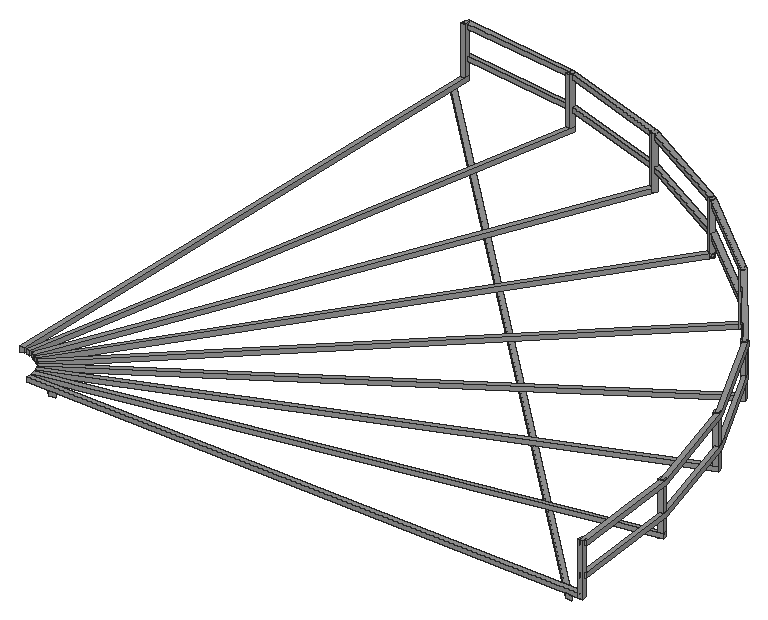
Revit family "Gitterinnenbogen 90 560", category Generic Models, Revit 2015
Parameters (values of type "GRB 90 560 FT")
  URL = "http://www.obo-bettermann.com"
  Material = Steel
  Manufacturer Art.No. = "6002269"
  Manufacturer = "OBO Bettermann"
  GTIN = "4012196001996"
  Article Type = "GRB 90 560 FT"
Types (3, lengths in mm): name | Material | Manufacturer Art.No. | GTIN | Article Type
  (no name) | Steel | "6002269" | "4012196001996" | "GRB 90 560 FT"
  GRB 90 560 G | Steel, Galvanized | "6001971" | "4012196352937" | "GRB 90 560 G"
  GRB 90 560 FT | Steel | "6002269" | "4012196001996" | "GRB 90 560 FT"
Reference planes
  plane 1 "Center (Front/Back)": y = 0
  plane 2: z = 0
  plane 3 "Center (Left/Right)": x = 0
  plane 4: z = 4.7
  plane 5: z = -4.7
  plane 6: z = 19.4
  plane 7: z = 24.1
  plane 8: z = 49.4
  plane 9: z = 54.1
Forms (mm)
  Extrusion 1, solid, material "Steel" <- "Material"
    sketch origin (0, 0, 0) x (1, 0, 0) y (0, 1, 0)
      loop
        line (2.35, 33) -> (2.35, 603.5) -> (-2.35, 603.5) -> (-2.35, 33) -> (2.35, 33)
    from 0 to 4.7
  Extrusion 2, solid, material "Steel" <- "Material"
    sketch origin (0, 0, 0) x (1, 0, 0) y (0, 1, 0)
      loop
        line (1.139, 17.773) -> (5.749, 16.856) -> (120.042, 591.445) -> (115.432, 592.362) -> (1.139, 17.773)
    from 0 to 4.7
  Extrusion 3, solid, material "Steel" <- "Material"
    sketch origin (0, 0, 0) x (1, 0, 0) y (0, 1, 0)
      loop
        line (1.749, 10.099) -> (6.091, 8.301) -> (233.213, 556.623) -> (228.871, 558.422) -> (1.749, 10.099)
    from 0 to 4.7
  Extrusion 4, solid, material "Steel" <- "Material"
    sketch origin (0, 0, 0) x (1, 0, 0) y (0, 1, 0)
      loop
        line (6.38, 13.778) -> (10.288, 11.166) -> (337.241, 500.486) -> (333.333, 503.098) -> (6.38, 13.778)
    from 0 to 4.7
  Extrusion 5, solid, material "Steel" <- "Material"
    sketch origin (0, 0, 0) x (1, 0, 0) y (0, 1, 0)
      loop
        line (12.48, 15.804) -> (15.804, 12.48) -> (428.401, 425.077) -> (425.077, 428.401) -> (12.48, 15.804)
    from 0 to 4.7
  Extrusion 6, solid, material "Steel" <- "Material"
    sketch origin (0, 0, 0) x (1, 0, 0) y (0, 1, 0)
      loop
        line (15.324, 13.065) -> (17.935, 9.157) -> (503.098, 333.333) -> (500.486, 337.241) -> (15.324, 13.065)
    from 0 to 4.7
  Extrusion 7, solid, material "Steel" <- "Material"
    sketch origin (0, 0, 0) x (1, 0, 0) y (0, 1, 0)
      loop
        line (19.377, 5.483) -> (558.461, 228.778) -> (556.662, 233.121) -> (17.578, 9.825) -> (19.377, 5.483)
    from 0 to 4.7
  Extrusion 8, solid, material "Steel" <- "Material"
    sketch origin (0, 0, 0) x (1, 0, 0) y (0, 1, 0)
      loop
        line (19.157, 6.207) -> (20.074, 1.597) -> (592.362, 115.432) -> (591.445, 120.042) -> (19.157, 6.207)
    from 0 to 4.7
  Extrusion 9, solid, material "Steel" <- "Material"
    sketch origin (0, 0, 0) x (1, 0, 0) y (0, 1, 0)
      loop
        line (20, 2.35) -> (20, -2.35) -> (603.5, -2.35) -> (603.5, 2.35) -> (20, 2.35)
    from 0 to 4.7
  Extrusion 10, void
    sketch origin (0, 0, 0) x (1, 0, 0) y (0, 1, 0)
      loop
        circle (0, 0) r 33
    from 0 to 4.7
  Extrusion 11, solid, material "Steel" <- "Material"
    sketch origin (0, 0, 0) x (1, 0, 0) y (0, 1, 0)
      loop
        line (-2.35, 55.595) -> (55.595, -2.35) -> (62.242, -2.35) -> (-2.35, 62.242) -> (-2.35, 55.595)
      loop
        line (-2.35, 585.925) -> (585.925, -2.35) -> (592.572, -2.35) -> (-2.35, 592.572) -> (-2.35, 585.925)
    from -4.7 to 0
  Extrusion 12, solid, material "Steel" <- "Material"
    sketch origin (0, 0, 0) x (1, 0, 0) y (0, 1, 0)
      loop
        arc (-2.35, 601.15) -> (424.389, 424.389) -> (601.15, -2.35) r 603.5
        line (601.15, -2.35) -> (605.845, 0)
        arc (605.845, 0) -> (427.712, 427.712) -> (0, 605.845) r 608.2
        line (0, 605.845) -> (-2.35, 601.15)
    from 19.4 to 24.1
  Extrusion 13, solid, material "Steel" <- "Material"
    sketch origin (0, 0, 0) x (1, 0, 0) y (0, 1, 0)
      loop
        line (0, 605.845) -> (-2.35, 601.15)
        arc (-2.35, 601.15) -> (424.389, 424.389) -> (601.15, -2.35) r 603.5
        line (601.15, -2.35) -> (605.845, 0)
        arc (605.845, 0) -> (427.712, 427.712) -> (0, 605.845) r 608.2
    from 49.4 to 54.1
  Extrusion 14, solid, material "Steel" <- "Material"
    sketch origin (0, 0, 0) x (1, 0, 0) y (0, 1, 0)
      loop
        line (-2.35, 603.5) -> (-2.35, 598.8) -> (2.35, 598.8) -> (2.35, 603.5) -> (-2.35, 603.5)
      loop
        line (115.432, 592.362) -> (114.515, 587.753) -> (119.125, 586.836) -> (120.042, 591.445) -> (115.432, 592.362)
      loop
        line (228.871, 558.422) -> (227.073, 554.079) -> (231.415, 552.281) -> (233.213, 556.623) -> (228.871, 558.422)
      loop
        line (333.333, 503.098) -> (330.722, 499.19) -> (334.629, 496.578) -> (337.241, 500.486) -> (333.333, 503.098)
      loop
        line (425.077, 428.401) -> (421.754, 425.077) -> (425.077, 421.754) -> (428.401, 425.077) -> (425.077, 428.401)
      loop
        line (500.486, 337.241) -> (496.578, 334.629) -> (499.19, 330.722) -> (503.098, 333.333) -> (500.486, 337.241)
      loop
        line (556.662, 233.121) -> (552.32, 231.322) -> (554.118, 226.98) -> (558.461, 228.778) -> (556.662, 233.121)
      loop
        line (591.445, 120.042) -> (586.836, 119.125) -> (587.753, 114.515) -> (592.362, 115.432) -> (591.445, 120.042)
      loop
        line (603.5, -2.35) -> (603.5, 2.35) -> (598.8, 2.35) -> (598.8, -2.35) -> (603.5, -2.35)
    from 0 to 54.1
Cuts and joins
  Extrusion 10 cuts Extrusion 2
  Extrusion 10 cuts Extrusion 3
  Extrusion 10 cuts Extrusion 4
  Extrusion 10 cuts Extrusion 5
  Extrusion 10 cuts Extrusion 6
  Extrusion 10 cuts Extrusion 7
  Extrusion 10 cuts Extrusion 8
  Extrusion 10 cuts Extrusion 9
Dimensions and locks
  locked: plane 4 to level at 4.7
  locked: plane 1 "Center (Front/Back)" to Extrusion 1 sketch curve at 33
  locked: Extrusion 1 sketch curve to Extrusion 1 sketch curve at 570.5
  locked: Extrusion 1 sketch curve to Extrusion 1 sketch curve at 4.7
  locked: Extrusion 1 sketch curve to plane 3 "Center (Left/Right)" at 2.35
  plane 3 "Center (Left/Right)" to Extrusion 1 = 2.35 mm
  locked: Extrusion 2 sketch curve to Extrusion 2 sketch curve at 4.7
  locked: plane 3 "Center (Left/Right)" to Extrusion 2 sketch curve at 17.654
  locked: plane 3 "Center (Left/Right)" to Extrusion 2 sketch curve at 603.5
  locked: Extrusion 3 sketch curve to Extrusion 3 sketch curve at 4.7
  locked: plane 3 "Center (Left/Right)" to Extrusion 3 sketch curve at 10
  locked: Extrusion 3 sketch curve to plane 3 "Center (Left/Right)" at 603.5
  locked: Extrusion 4 sketch curve to Extrusion 4 sketch curve at 4.7
  locked: plane 3 "Center (Left/Right)" to Extrusion 4 sketch curve at 15
  locked: Extrusion 4 sketch curve to plane 3 "Center (Left/Right)" at 603.5
  locked: Extrusion 5 sketch curve to Extrusion 5 sketch curve at 4.7
  locked: plane 3 "Center (Left/Right)" to Extrusion 5 sketch curve at 20
  locked: Extrusion 5 sketch curve to plane 3 "Center (Left/Right)" at 603.5
  locked: Extrusion 6 sketch curve to Extrusion 6 sketch curve at 4.7
  locked: plane 3 "Center (Left/Right)" to Extrusion 6 sketch curve at 20
  locked: Extrusion 6 sketch curve to plane 3 "Center (Left/Right)" at 603.5
  locked: Extrusion 7 sketch curve to Extrusion 7 sketch curve at 4.7
  locked: Extrusion 7 sketch curve to plane 3 "Center (Left/Right)" at 20
  locked: plane 3 "Center (Left/Right)" to Extrusion 7 sketch curve at 603.5
  locked: Extrusion 8 sketch curve to Extrusion 8 sketch curve at 4.7
  locked: plane 3 "Center (Left/Right)" to Extrusion 8 sketch curve at 20
  locked: Extrusion 8 sketch curve to plane 3 "Center (Left/Right)" at 603.5
  locked: Extrusion 9 sketch curve to Extrusion 9 sketch curve at 4.7
  locked: plane 1 "Center (Front/Back)" to Extrusion 9 sketch curve at 2.35
  locked: plane 3 "Center (Left/Right)" to Extrusion 9 sketch curve at 20
  locked: plane 3 "Center (Left/Right)" to Extrusion 9 sketch curve at 603.5
  locked: Extrusion 11 sketch curve to Extrusion 11 sketch curve at 4.7  (x2)
  locked: level to plane 5 at 4.7
  locked: Extrusion 11 sketch curve to Extrusion 11 sketch curve at 370.3
  locked: plane 3 "Center (Left/Right)" to Extrusion 11 sketch curve at 37.65
  locked: plane 7 to plane 6 at 4.7
  locked: plane 6 to level at 19.4
  locked: plane 8 to plane 7 at 25.3
  locked: plane 9 to plane 8 at 4.7
  locked: Extrusion 1 to Extrusion 14 sketch curve at 4.7
  locked: cut or joined group of Extrusion 2, Extrusion 10 to Extrusion 14 sketch curve at 4.7
  locked: cut or joined group of Extrusion 3, Extrusion 10 to Extrusion 14 sketch curve at 4.7
  locked: cut or joined group of Extrusion 4, Extrusion 10 to Extrusion 14 sketch curve at 4.7
  locked: cut or joined group of Extrusion 5, Extrusion 10 to Extrusion 14 sketch curve at 4.7
  locked: cut or joined group of Extrusion 6, Extrusion 10 to Extrusion 14 sketch curve at 4.7
  locked: cut or joined group of Extrusion 7, Extrusion 10 to Extrusion 14 sketch curve at 4.7
  locked: cut or joined group of Extrusion 8, Extrusion 10 to Extrusion 14 sketch curve at 4.7
  locked: Extrusion 14 sketch curve to cut or joined group of Extrusion 9, Extrusion 10 at 4.7
  radius of Extrusion 10 sketch curve = 33 mm
  radius of Extrusion 12 sketch curve = 603.5 mm
  locked: Extrusion 2 sketch curve to Extrusion 1 (angle 11.25°)
  locked: Extrusion 3 sketch curve to Extrusion 2 (angle 11.25°)
  locked: Extrusion 4 sketch curve to Extrusion 3 (angle 11.25°)
  locked: Extrusion 5 sketch curve to Extrusion 4 (angle 11.25°)
  locked: Extrusion 6 sketch curve to Extrusion 5 (angle 11.25°)
  locked: Extrusion 7 sketch curve to Extrusion 6 (angle 11.25°)
  locked: Extrusion 8 sketch curve to Extrusion 7 (angle 11.25°)
  locked: plane 3 "Center (Left/Right)" to Extrusion 11 sketch curve (angle 45.00°)  (x2)
  aligned and locked: level to plane 2
  aligned and locked: Extrusion 1 to level
  aligned and locked: plane 4 to Extrusion 1
  aligned and locked: plane 4 to Extrusion 2
  aligned and locked: Extrusion 2 to level
  aligned and locked: Extrusion 3 to plane 4
  aligned and locked: Extrusion 3 to level
  aligned and locked: Extrusion 4 to plane 4
  aligned and locked: Extrusion 4 to level
  aligned and locked: Extrusion 5 to plane 4
  aligned and locked: Extrusion 5 to level
  aligned and locked: Extrusion 6 to plane 4
  aligned and locked: Extrusion 6 to level
  aligned and locked: Extrusion 7 to plane 4
  aligned and locked: Extrusion 7 to level
  aligned and locked: Extrusion 8 to plane 4
  aligned and locked: Extrusion 8 to level
  aligned and locked: Extrusion 9 to plane 4
  aligned and locked: Extrusion 9 to level
  aligned and locked: Extrusion 10 to level
  aligned and locked: plane 4 to Extrusion 10
  aligned and locked: Extrusion 1 to Extrusion 11 sketch curve  (x2)
  aligned and locked: cut or joined group of Extrusion 9, Extrusion 10 to Extrusion 11 sketch curve  (x2)
  aligned and locked: Extrusion 11 to plane 5
  aligned and locked: level to Extrusion 11
  aligned and locked: Extrusion 12 to plane 6
  aligned and locked: plane 7 to Extrusion 12
  aligned and locked: Extrusion 13 sketch curve to Extrusion 12  (x4)
  aligned and locked: Extrusion 13 to plane 8
  aligned and locked: plane 9 to Extrusion 13
  aligned and locked: Extrusion 14 sketch curve to Extrusion 1  (x3)
  aligned and locked: Extrusion 14 sketch curve to cut or joined group of Extrusion 2, Extrusion 10  (x3)
  aligned and locked: Extrusion 14 sketch curve to cut or joined group of Extrusion 3, Extrusion 10  (x3)
  aligned and locked: Extrusion 14 sketch curve to cut or joined group of Extrusion 4, Extrusion 10  (x3)
  aligned and locked: Extrusion 14 sketch curve to cut or joined group of Extrusion 5, Extrusion 10  (x3)
  aligned and locked: Extrusion 14 sketch curve to cut or joined group of Extrusion 6, Extrusion 10  (x3)
  aligned and locked: Extrusion 14 sketch curve to cut or joined group of Extrusion 7, Extrusion 10  (x3)
  aligned and locked: Extrusion 14 sketch curve to cut or joined group of Extrusion 8, Extrusion 10  (x3)
  aligned and locked: Extrusion 14 sketch curve to cut or joined group of Extrusion 9, Extrusion 10  (x2)
  aligned and locked: cut or joined group of Extrusion 9, Extrusion 10 to Extrusion 14 sketch curve
  aligned and locked: Extrusion 14 to level
  aligned and locked: plane 9 to Extrusion 14
